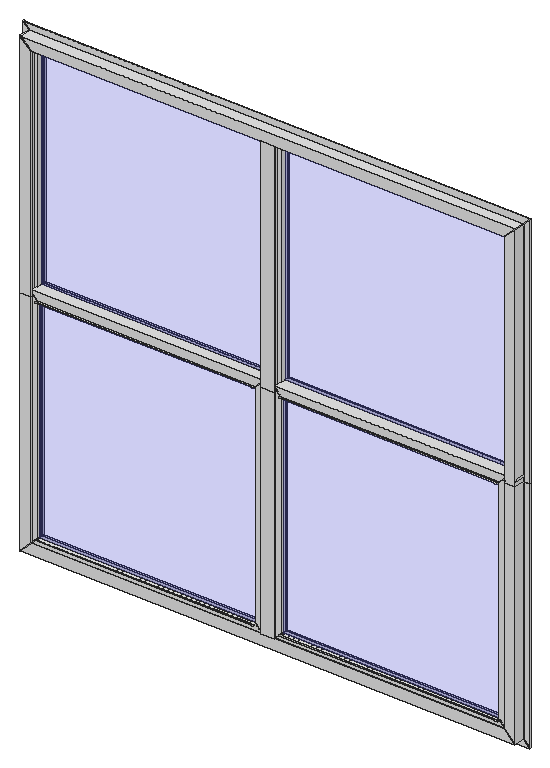
Revit family "591_SH-SH_nailfin", category Windows, host Wall, Revit 2016
Family settings
  Host = Wall
  OmniClass Number = 23.30.20.00
  OmniClass Title = Windows
  Always vertical = Yes
  Cut with Voids When Loaded = No
  Shared = No
  Room Calculation Point = No
Parameters (values of type "90x84")
  VBS = 1 / 2 * Width  # 45"
  Rough Height = 5 5/8"
  MLW = 1 / 8 * VBS  # 5 5/8"
  Interior Color [instance] = White
  Height = 84"
  Hbs = 1 / 2 * Height  # 42"
  Exterior Color [instance] = White
  Default Sill Height = 31.49606"
  Wall Closure = By host
  Width = 90"
Reference planes (in)
  plane 1 "Center (Front/Back)": y = 0
  plane 2 "Center (Left/Right)": x = 0
  plane 3 "Left": x = -45
  plane 4 "Right": x = 45
  plane 5 "Sill": z = 31.49606
  plane 6 "Head": z = 115.49606
  plane 7 "Exterior": y = 3.93701
  plane 8 "Interior": y = -3.93701
  plane 9 "Front of wall": y = 3.93701
  plane 10 "Hbs": z = 73.49606
  plane 11 "Vbs": x = 0
  plane 12: x = -43.6011
  plane 13: x = -0.7501
  plane 14: x = 0.74899
  plane 15: x = 43.6
  plane 16: x = 42.475
  plane 17: x = 1.875
  plane 18: x = -1.874
  plane 19: x = -42.475
  plane 20: x = -15.475
  plane 21: z = 33.99967
  plane 22: z = 73.5815
  plane 23: z = 74.08043
  plane 24: z = 114.09658
  plane 25: z = 74.36573
  plane 26 "Front of glass": y = 4.93066
Forms (in)
  Extrusion 1, solid, material "White" <- "Interior Color"
    sketch origin (0, 0, 115.49606) x (0, -1, 0) y (1, 0, 0)
      loop
        line (-3.57701, -43.975) -> (-3.57701, -43.1001) -> (-4.18834, -43.1001) -> (-4.18834, -43.6011) -> (-4.93234, -43.6011) -> (-4.9333, -43.13685) -> (-4.9728, -43.1621) -> (-5.33575, -43.1621) -> (-5.33575, -43.725) -> (-5.37701, -43.725) -> (-5.37701, -45.02) -> (-5.25201, -45.02) -> (-5.25201, -44.98) -> (-5.06701, -44.98) -> (-5.03872, -45) -> (-4.00201, -45) -> (-4.00201, -46.125) -> (-3.93701, -46.125) -> (-3.93701, -45) -> (-1.87701, -45) -> (-1.87701, -43.1) -> (-2.07701, -43.1) -> (-2.07701, -43.975) -> (-3.57701, -43.975)
    from 1.12547 to -42
  Extrusion 2, solid, material "White" <- "Interior Color"
    sketch origin (0, 0, 115.49606) x (0, -1, 0) y (1, 0, 0)
      loop
        line (-2.07701, 0.3751) -> (-3.57423, 0.3751) -> (-3.57423, 1.2501) -> (-4.18951, 1.2501) -> (-4.18951, 0.74899) -> (-4.93351, 0.74899) -> (-4.93351, 1.21326) -> (-4.97301, 1.188) -> (-5.33691, 1.188) -> (-5.33691, 0.6251) -> (-5.37701, 0.6251) -> (-5.37701, -0.6251) -> (-5.33575, -0.6251) -> (-5.33575, -1.1881) -> (-4.97185, -1.1881) -> (-4.9333, -1.21336) -> (-4.9333, -0.7501) -> (-4.18835, -0.7501) -> (-4.18835, -1.2501) -> (-3.57701, -1.2501) -> (-3.57701, -0.3751) -> (-2.07701, -0.3751) -> (-2.07701, -1.2501) -> (-1.87701, -1.2501) -> (-1.87701, 1.2501) -> (-2.07701, 1.2501) -> (-2.07701, 0.3751)
    from 0 to -42
  Extrusion 3, solid, material "White" <- "Interior Color"
    sketch origin (0, 0, 115.49606) x (0, -1, 0) y (1, 0, 0)
      loop
        line (-1.87701, 45) -> (-3.93701, 45) -> (-3.93701, 46.125) -> (-4.00201, 46.125) -> (-4.00201, 45) -> (-5.03872, 45) -> (-5.06701, 44.98) -> (-5.25201, 44.98) -> (-5.25201, 45.02) -> (-5.37701, 45.02) -> (-5.37701, 43.725) -> (-5.33691, 43.725) -> (-5.33691, 43.162) -> (-4.97301, 43.162) -> (-4.93351, 43.13674) -> (-4.93351, 43.6) -> (-4.18951, 43.6) -> (-4.18951, 43.1) -> (-3.57701, 43.1) -> (-3.57701, 43.975) -> (-2.07701, 43.975) -> (-2.07701, 43.1) -> (-1.87701, 43.1) -> (-1.87701, 45)
    from 1.12547 to -42
  Extrusion 4, solid, material "White" <- "Interior Color"
    sketch origin (0, 0, 31.49606) x (0, -1, 0) y (1, 0, 0)
      loop
        line (-3.46691, 42.56233) -> (-3.46691, 42.037) -> (-3.10301, 42.037) -> (-3.06351, 42.01174) -> (-3.06351, 42.475) -> (-2.31951, 42.475) -> (-2.31951, 41.975) -> (-2.07701, 41.975) -> (-2.07701, 43.1) -> (-1.87701, 43.1) -> (-1.87701, 45) -> (-3.93701, 45) -> (-3.93701, 46.125) -> (-4.00201, 46.125) -> (-4.00201, 45) -> (-5.03872, 45) -> (-5.06701, 44.98) -> (-5.25201, 44.98) -> (-5.25201, 45.02) -> (-5.37701, 45.02) -> (-5.37701, 43.725) -> (-4.62701, 43.725) -> (-4.62701, 43.85) -> (-4.12701, 43.85) -> (-4.12701, 43.1) -> (-3.47701, 43.1) -> (-3.47701, 42.6) -> (-3.46691, 42.56233)
    from -1.125 to 42.86966
  Extrusion 5, solid, material "White" <- "Interior Color"
    sketch origin (0, 0, 31.49606) x (0, -1, 0) y (1, 0, 0)
      loop
        line (-1.87701, -1.2501) -> (-1.87701, 1.2501) -> (-2.07701, 1.2501) -> (-2.07701, 2.375) -> (-2.31951, 2.375) -> (-2.31951, 1.875) -> (-3.06351, 1.875) -> (-3.06351, 2.33826) -> (-3.10301, 2.313) -> (-3.46691, 2.313) -> (-3.46691, 1.2704) -> (-4.12701, 1.2704) -> (-4.12701, 0.5001) -> (-4.62701, 0.5001) -> (-4.62701, 0.6251) -> (-5.37701, 0.6251) -> (-5.37701, -0.6251) -> (-4.62701, -0.6251) -> (-4.62701, -0.5001) -> (-4.12701, -0.5001) -> (-4.12701, -1.2501) -> (-3.47701, -1.2501) -> (-3.47701, -2.313) -> (-3.10301, -2.313) -> (-3.06351, -2.33826) -> (-3.06351, -1.874) -> (-2.31951, -1.874) -> (-2.31951, -2.375) -> (-2.07701, -2.375) -> (-2.07701, -1.2501) -> (-1.87701, -1.2501)
    from 0 to 42.86966
  Extrusion 6, solid, material "White" <- "Interior Color"
    sketch origin (0, 0, 31.49606) x (0, -1, 0) y (1, 0, 0)
      loop
        line (-3.46691, -42.56233) -> (-3.47701, -42.6) -> (-3.47701, -43.1) -> (-4.12701, -43.1) -> (-4.12701, -43.85) -> (-4.62701, -43.85) -> (-4.62701, -43.72467) -> (-5.37701, -43.72467) -> (-5.37701, -45.02) -> (-5.25201, -45.02) -> (-5.25201, -44.98) -> (-5.06701, -44.98) -> (-5.03872, -45) -> (-4.00201, -45) -> (-4.00201, -46.125) -> (-3.93701, -46.125) -> (-3.93701, -45) -> (-1.87701, -45) -> (-1.87701, -43.1) -> (-2.07701, -43.1) -> (-2.07701, -41.975) -> (-2.31951, -41.975) -> (-2.31951, -42.475) -> (-3.06351, -42.475) -> (-3.06351, -42.01174) -> (-3.10301, -42.037) -> (-3.46691, -42.037) -> (-3.46691, -42.56233)
    from -1.125 to 42.86966
  Extrusion 7, solid, material "White" <- "Interior Color"
    sketch origin (0, 0, 0) x (0, -1, 0) y (0, 0, 1)
      loop
        line (-3.46691, 33.91252) -> (-3.47701, 33.87484) -> (-3.47701, 33.39606) -> (-4.12701, 33.39606) -> (-4.12701, 32.64606) -> (-4.62701, 32.64606) -> (-4.62701, 32.77106) -> (-5.37701, 32.77106) -> (-5.37701, 31.47606) -> (-5.25201, 31.47606) -> (-5.25201, 31.51606) -> (-5.06701, 31.51606) -> (-5.03872, 31.49606) -> (-4.00201, 31.49606) -> (-4.00201, 30.37106) -> (-3.93701, 30.37106) -> (-3.93701, 31.49606) -> (-1.87701, 31.49606) -> (-1.87701, 33.39606) -> (-2.07701, 33.39606) -> (-2.07701, 34.43067) -> (-1.70156, 34.43067)
        arc (-1.70156, 34.43067) -> (-1.59274, 34.39671) -> (-1.63951, 34.50067) r 0.0625
        line (-1.63951, 34.50067) -> (-2.31951, 34.50067) -> (-2.31951, 33.99967) -> (-3.06351, 33.99967) -> (-3.06351, 34.46392) -> (-3.10301, 34.43867) -> (-3.46691, 34.43867) -> (-3.46691, 33.91252)
    from -46.125 to 46.125
  Extrusion 8, solid, material "White" <- "Interior Color"
    sketch origin (0, 0, 0) x (0, -1, 0) y (0, 0, 1)
      loop
        line (-5.34417, 73.95553) -> (-5.34417, 72.95553) -> (-4.72423, 72.95553) -> (-4.72423, 72.54049) -> (-4.62426, 72.54049) -> (-4.62426, 72.95549) -> (-4.12423, 72.95549) -> (-4.12423, 72.54046) -> (-4.02425, 72.54046) -> (-4.02425, 72.95545) -> (-3.57423, 72.95545) -> (-3.57423, 73.14253) -> (-3.1002, 73.14253) -> (-3.0607, 73.11728) -> (-3.0607, 73.5815) -> (-2.3167, 73.5815) -> (-2.3167, 73.08053) -> (-1.6367, 73.08053)
        arc (-1.6367, 73.08053) -> (-1.58993, 73.18449) -> (-1.69875, 73.15053) r 0.0625
        line (-1.69875, 73.15053) -> (-2.0742, 73.15053) -> (-2.0742, 74.58053) -> (-4.18663, 74.58053) -> (-4.18663, 74.08043) -> (-4.93066, 74.08043) -> (-4.93066, 74.54376) -> (-4.97014, 74.51851) -> (-5.33404, 74.51851) -> (-5.33404, 73.99333) -> (-5.34417, 73.95553)
    from -45 to 45
  Extrusion 9, solid, material "White" <- "Interior Color"
    sketch origin (0, 0, 0) x (0, -1, 0) y (0, 0, 1)
      loop
        line (-1.87701, 113.59653) -> (-1.87701, 115.49606) -> (-3.93701, 115.49606) -> (-3.93701, 116.62153) -> (-4.00201, 116.62153) -> (-4.00201, 115.49606) -> (-5.03939, 115.49606) -> (-5.06701, 115.47653) -> (-5.25201, 115.47653) -> (-5.25201, 115.51653) -> (-5.37701, 115.51653) -> (-5.37701, 114.22153) -> (-5.33484, 114.22153) -> (-5.33484, 113.65813) -> (-4.97097, 113.65813) -> (-4.93147, 113.63285) -> (-4.93147, 114.09658) -> (-4.18744, 114.09658) -> (-4.18744, 113.59606) -> (-3.57701, 113.59606) -> (-3.57701, 114.47153) -> (-2.07701, 114.47153) -> (-2.07701, 113.59653) -> (-1.87701, 113.59653)
    from -46.125 to 46.125
  Sweep 10, void
    path in 3D
      loop
        line (42.7334, 7.85281, 115.49606) -> (42.7334, 3.93701, 115.49606)
    profile origin (42.7334, 5.89491, 115.49606) x (1, 0, 0) y (0, 0, 1)
      loop
        line (3.58274, 1.3166) -> (-0.41726, -2.6834) -> (3.58274, -2.6834) -> (3.58274, 1.3166)
  Sweep 11, void
    path in 3D
      loop
        line (42.7334, 7.85281, 115.49606) -> (42.7334, 3.93701, 115.49606)
    profile origin (42.7334, 5.89491, 115.49606) x (1, 0, 0) y (0, 0, 1)
      loop
        line (3.92929, 1.66316) -> (-0.32071, 1.66316) -> (-0.32071, -2.58684) -> (3.92929, 1.66316)
  Sweep 12, void
    path in 3D
      loop
        line (-43.05764, 9.04811, 115.49606) -> (-43.05764, 3.93701, 115.49606)
    profile origin (-43.05764, 6.49256, 115.49606) x (1, 0, 0) y (0, 0, 1)
      loop
        line (-3.67827, 1.73638) -> (-3.67827, -2.76362) -> (0.82173, -2.76362) -> (-3.67827, 1.73638)
  Sweep 13, void
    path in 3D
      loop
        line (-41.46585, 8.79196, 31.49606) -> (-41.46585, 3.93701, 31.49606)
    profile origin (-41.46585, 6.36448, 31.49606) x (1, 0, 0) y (0, 0, 1)
      loop
        line (-5.97197, -2.43782) -> (1.52803, -2.43782) -> (1.52803, 5.06218) -> (-5.97197, -2.43782)
  Sweep 14, void
    path in 3D
      loop
        line (-41.46585, 8.79196, 31.49606) -> (-41.46585, 3.93701, 31.49606)
    profile origin (-41.46585, 6.36448, 31.49606) x (1, 0, 0) y (0, 0, 1)
      loop
        line (-5.13618, -1.60203) -> (0.11382, 3.64797) -> (-5.13618, 3.64797) -> (-5.13618, -1.60203)
  Sweep 15, void
    path in 3D
      loop
        line (43.35694, 8.00921, 31.49606) -> (43.35694, 3.93701, 31.49606)
    profile origin (43.35694, 5.97311, 31.49606) x (1, 0, 0) y (0, 0, 1)
      loop
        line (3.39154, -1.74848) -> (-2.35846, 4.00152) -> (-2.35846, -1.74848) -> (3.39154, -1.74848)
  Sweep 16, void
    path in 3D
      loop
        line (43.35694, 8.00921, 31.49606) -> (43.35694, 3.93701, 31.49606)
    profile origin (43.35694, 5.97311, 31.49606) x (1, 0, 0) y (0, 0, 1)
      loop
        line (3.24509, -1.60203) -> (3.24509, 3.64797) -> (-2.00491, 3.64797) -> (3.24509, -1.60203)
  Sweep 17, void
    path in 3D
      loop
        line (43.10694, 8.00921, 73.49606) -> (43.10694, 3.93701, 73.49606)
    profile origin (43.10694, 5.97311, 73.49606) x (1, 0, 0) y (0, 0, 1)
      loop
        line (-0.76597, 1.8435) -> (-0.76597, -0.44206) -> (0.61806, -0.44206) -> (0.61806, 0.45947) -> (-0.76597, 1.8435)
  Sweep 18, void
    path in 3D
      loop
        line (43.10694, 8.00921, 73.49606) -> (43.10694, 3.93701, 73.49606)
    profile origin (43.10694, 5.97311, 73.49606) x (1, 0, 0) y (0, 0, 1)
      loop
        line (-0.27534, 1.35287) -> (0.72466, 0.35287) -> (0.72466, -1.39713) -> (3.47466, -1.39713) -> (3.47466, 1.35287) -> (-0.27534, 1.35287)
  Sweep 19, void
    path in 3D
      loop
        line (-1.40257, 8.10545, 115.49606) -> (-1.40257, 3.93701, 115.49606)
    profile origin (-1.40257, 6.02123, 115.49606) x (1, 0, 0) y (0, 0, 1)
      loop
        line (-0.23548, -2.28794) -> (3.04055, -2.28794) -> (2.02713, -1.27453) -> (0.77793, -1.27453) -> (-0.23548, -2.28794)
  Sweep 20, void
    path in 3D
      loop
        line (-1.40257, 8.10545, 115.49606) -> (-1.40257, 3.93701, 115.49606)
    profile origin (-1.40257, 6.02123, 115.49606) x (1, 0, 0) y (0, 0, 1)
      loop
        line (0.15246, -1.9) -> (0.77793, -1.27453) -> (2.02713, -1.27453) -> (2.6526, -1.9) -> (3.4026, -1.9) -> (3.4026, 0.6) -> (-0.8474, 0.6) -> (-0.8474, -1.9) -> (0.15246, -1.9)
  Sweep 21, void
    path in 3D
      loop
        line (-42.10622, 8.93833, 73.49606) -> (-42.10622, 3.93701, 73.49606)
    profile origin (-42.10622, 6.43767, 73.49606) x (1, 0, 0) y (0, 0, 1)
      loop
        line (-0.86878, 1.20947) -> (-1.61878, 0.45947) -> (-1.61878, 0.13875) -> (-0.86878, 0.13875) -> (-0.86878, 1.20947)
  Sweep 22, void
    path in 3D
      loop
        line (-42.10622, 8.93833, 73.49606) -> (-42.10622, 3.93701, 73.49606)
    profile origin (-42.10622, 6.43767, 73.49606) x (1, 0, 0) y (0, 0, 1)
      loop
        line (-0.86878, 1.20947) -> (-3.21423, 1.20947) -> (-3.21423, -1.04053) -> (-1.61878, -1.04053) -> (-1.61878, 0.45947) -> (-0.86878, 1.20947)
  Sweep 23, void
    path in 3D
      loop
        line (-1.05369, 7.85281, 31.49606) -> (-1.05369, 3.93701, 31.49606)
    profile origin (-1.05369, 5.89491, 31.49606) x (1, 0, 0) y (0, 0, 1)
      loop
        line (-1.55738, 3.24067) -> (-0.21671, 1.9) -> (0.42859, 1.9) -> (0.42859, 1.275) -> (1.67879, 1.275) -> (1.67879, 1.9) -> (2.30379, 1.9) -> (3.64446, 3.24067) -> (-1.55738, 3.24067)
  Sweep 24, void
    path in 3D
      loop
        line (-1.05369, 7.85281, 31.49606) -> (-1.05369, 3.93701, 31.49606)
    profile origin (-1.05369, 5.89491, 31.49606) x (1, 0, 0) y (0, 0, 1)
      loop
        line (-1.32131, 3.0046) -> (-2.07131, 3.0046) -> (-2.07131, -0.57193) -> (4.17869, -0.57193) -> (4.17869, 3.0249) -> (3.42869, 3.0249) -> (2.30379, 1.9) -> (1.67879, 1.9) -> (1.67879, 1.275) -> (0.42859, 1.275) -> (0.42859, 1.9) -> (-0.21671, 1.9) -> (-1.32131, 3.0046)
  Sweep 25, void
    path in 3D
      loop
        line (-1.22211, 8.00921, 73.49606) -> (-1.22211, 3.93701, 73.49606)
    profile origin (-1.22211, 5.97311, 73.49606) x (1, 0, 0) y (0, 0, 1)
      loop
        line (-0.28687, 1.34329) -> (0.59701, 0.45941) -> (1.84722, 0.45941) -> (2.7311, 1.34329) -> (-0.28687, 1.34329)
  Sweep 26, void
    path in 3D
      loop
        line (-1.22211, 8.00921, 73.49606) -> (-1.22211, 3.93701, 73.49606)
    profile origin (-1.22211, 5.97311, 73.49606) x (1, 0, 0) y (0, 0, 1)
      loop
        line (-0.47428, 1.5307) -> (-0.47428, -0.38597) -> (0.59695, -0.38597) -> (0.59695, 0.45947) -> (-0.47428, 1.5307)
  Sweep 27, void
    path in 3D
      loop
        line (-1.22211, 8.00921, 73.49606) -> (-1.22211, 3.93701, 73.49606)
    profile origin (-1.22211, 5.97311, 73.49606) x (1, 0, 0) y (0, 0, 1)
      loop
        line (2.91702, 1.52921) -> (1.84722, 0.45941) -> (1.84722, -0.29059) -> (2.91702, -0.29059) -> (2.91702, 1.52921)
  Extrusion 28, void
    sketch origin (0, 3.93701, 0) x (1, 0, 0) y (0, 0, 1)
      loop
        line (-41.48862, 111.98515) -> (-46.98862, 117.48515) -> (-46.98862, 111.98515) -> (-41.48862, 111.98515)
    from 0 to 12
  Extrusion 29, void
    sketch origin (0, 3.93701, 0) x (1, 0, 0) y (0, 0, 1)
      loop
        line (-42.19673, 112.73515) -> (-42.19673, 117.48515) -> (-46.94673, 117.48515) -> (-42.19673, 112.73515)
    from 0 to 12
  Extrusion 30, void
    sketch origin (0, 3.93701, 0) x (1, 0, 0) y (0, 0, 1)
      loop
        line (46.75984, 117.25591) -> (42.34835, 112.84441) -> (46.75984, 112.84441) -> (46.75984, 117.25591)
    from 0 to 12
  Extrusion 31, void
    sketch origin (0, 3.93701, 0) x (1, 0, 0) y (0, 0, 1)
      loop
        line (46.66316, 117.15922) -> (41.99503, 117.15922) -> (41.99503, 112.49109) -> (46.66316, 117.15922)
    from 0 to 12
  Extrusion 32, void
    sketch origin (0, 3.93701, 0) x (1, 0, 0) y (0, 0, 1)
      loop
        line (46.5, 29.99606) -> (40.93414, 35.56193) -> (40.93414, 29.99606) -> (46.5, 29.99606)
    from 0 to 12
  Extrusion 33, void
    sketch origin (0, 3.93701, 0) x (1, 0, 0) y (0, 0, 1)
      loop
        line (46.60203, 29.89403) -> (46.60203, 35.38515) -> (41.11091, 35.38515) -> (46.60203, 29.89403)
    from 0 to 12
  Extrusion 34, void
    sketch origin (0, 3.93701, 0) x (1, 0, 0) y (0, 0, 1)
      loop
        line (-41.26053, 35.21513) -> (-46.9796, 29.49606) -> (-41.26053, 29.49606) -> (-41.26053, 35.21513)
    from 0 to 12
  Extrusion 35, void
    sketch origin (0, 3.93701, 0) x (1, 0, 0) y (0, 0, 1)
      loop
        line (-40.61589, 35.85978) -> (-47.98541, 35.85978) -> (-47.98541, 28.49026) -> (-40.61589, 35.85978)
    from 0 to 12
  Extrusion 36, void
    sketch origin (0, 3.93701, 0) x (1, 0, 0) y (0, 0, 1)
      loop
        line (-41.975, 73.08053) -> (-43.1, 74.20553) -> (-43.1, 74.7805) -> (-45.85, 74.7805) -> (-45.85, 72.35849) -> (-41.975, 72.35849) -> (-41.975, 73.08053)
    from 0 to 12
  Extrusion 37, void
    sketch origin (0, 3.93701, 0) x (1, 0, 0) y (0, 0, 1)
      loop
        line (-41.73575, 72.84128) -> (-41.73575, 75.83563) -> (-46.85, 75.83563) -> (-46.85, 73.49606) -> (-43.1, 73.49606) -> (-43.1, 74.20553) -> (-41.73575, 72.84128)
    from 0 to 12
  Extrusion 38, void
    sketch origin (0, 3.93701, 0) x (1, 0, 0) y (0, 0, 1)
      loop
        line (-2.38802, 73.06751) -> (2.38802, 73.06751) -> (1.2501, 74.20543) -> (1.2501, 74.70543) -> (-1.2501, 74.70543) -> (-1.2501, 74.20543) -> (-2.38802, 73.06751)
    from 0 to 12
  Extrusion 39, void
    sketch origin (0, 3.93701, 0) x (1, 0, 0) y (0, 0, 1)
      loop
        line (2.63802, 72.81752) -> (2.63802, 74.81751) -> (-3.03017, 74.81751) -> (-3.03017, 73.06751) -> (-2.38802, 73.06751) -> (-1.2501, 74.20543) -> (-1.2501, 73.49606) -> (1.2501, 73.49606) -> (1.2501, 74.20543) -> (2.63802, 72.81752)
    from 0 to 12
  Extrusion 40, void
    sketch origin (0, 3.93701, 0) x (1, 0, 0) y (0, 0, 1)
      loop
        line (41.975, 73.08053) -> (45.42694, 73.08053) -> (45.42694, 74.20553) -> (43.1, 74.20553) -> (41.975, 73.08053)
    from 0 to 12
  Extrusion 41, void
    sketch origin (0, 3.93701, 0) x (1, 0, 0) y (0, 0, 1)
      loop
        line (41.975, 73.08053) -> (43.1, 74.20553) -> (43.1, 73.49606) -> (46.35, 73.49606) -> (46.35, 75.24606) -> (41.975, 75.24606) -> (41.975, 73.08053)
    from 0 to 12
  Sweep 42, void
    path in 3D
      loop
        line (-42.10622, 8.93833, 73.49606) -> (-42.10622, 3.93701, 73.49606)
    profile origin (-42.10622, 6.43767, 73.49606) x (1, 0, 0) y (0, 0, 1)
      loop
        line (-1.61878, 0) -> (-1.61878, 0.86966) -> (-4.96187, 0.86966) -> (-4.96187, 0) -> (-1.61878, 0)
  Sweep 43, void
    path in 3D
      loop
        line (-1.22211, 8.00921, 73.49606) -> (-1.22211, 3.93701, 73.49606)
    profile origin (-1.22211, 5.97311, 73.49606) x (1, 0, 0) y (0, 0, 1)
      loop
        line (1.84722, 0) -> (1.84722, 0.86966) -> (0.59701, 0.86966) -> (0.59701, 0) -> (1.84722, 0)
  Sweep 44, void
    path in 3D
      loop
        line (43.10694, 8.00921, 73.49606) -> (43.10694, 3.93701, 73.49606)
    profile origin (43.10694, 5.97311, 73.49606) x (1, 0, 0) y (0, 0, 1)
      loop
        line (0.61806, 0) -> (3.6525, 0) -> (3.6525, 0.86966) -> (0.61806, 0.86966) -> (0.61806, 0)
  Extrusion 45, void
    sketch origin (0, 3.93701, 0) x (1, 0, 0) y (0, 0, 1)
      loop
        line (2.375, 34.50067) -> (1.2501, 33.37577) -> (-1.2499, 33.37577) -> (-2.37479, 34.50067) -> (-2.87479, 34.50067) -> (-2.87479, 31.12577) -> (2.62521, 31.12577) -> (2.62521, 34.50067) -> (2.375, 34.50067)
    from 0 to 12
  Extrusion 46, void
    sketch origin (0, 3.93701, 0) x (1, 0, 0) y (0, 0, 1)
      loop
        line (2.375, 34.50067) -> (2.375, 35.50087) -> (-2.375, 35.50087) -> (-2.375, 34.50087) -> (-1.27019, 33.39606) -> (1.2704, 33.39606) -> (2.375, 34.50067)
    from 0 to 12
  Extrusion 47, solid, material "Glass"
    sketch origin (0, 0, 0) x (0, -1, 0) y (0, 0, 1)
      loop
        line (-3.06351, 33.99967) -> (-2.31951, 33.99967) -> (-2.31951, 73.5815) -> (-3.06351, 73.5815) -> (-3.06351, 33.99967)
    from 1.874 to 42.475
  Extrusion 48, solid, material "Glass"
    sketch origin (0, 0, 0) x (0, -1, 0) y (0, 0, 1)
      loop
        line (-4.93066, 74.08043) -> (-4.18663, 74.08043) -> (-4.18663, 114.09658) -> (-4.93066, 114.09658) -> (-4.93066, 74.08043)
    from 0.7501 to 43.6011
  Extrusion 49, solid, material "Glass"
    sketch origin (0, 0, 0) x (0, 0, 1) y (0, 1, 0)
      loop
        line (74.08043, 4.93066) -> (74.08043, 4.18663) -> (114.09658, 4.18663) -> (114.09658, 4.93066) -> (74.08043, 4.93066)
    from -0.74899 to -43.6
  Extrusion 50, solid, material "Glass"
    sketch origin (0, 0, 0) x (0, 0, 1) y (0, 1, 0)
      loop
        line (33.99967, 3.0607) -> (33.99967, 2.3167) -> (73.5815, 2.3167) -> (73.5815, 3.0607) -> (33.99967, 3.0607)
    from -1.875 to -42.475
  Sweep 51, void
    path in 3D
      loop
        line (-43.05764, 9.04811, 115.49606) -> (-43.05764, 3.93701, 115.49606)
    profile origin (-43.05764, 6.49256, 115.49606) x (1, 0, 0) y (0, 0, 1)
      loop
        line (-3.82488, 1.88298) -> (0.82173, -2.76362) -> (0.82173, 1.88298) -> (-3.82488, 1.88298)
  Extrusion 52, void
    sketch origin (0, 3.93701, 0) x (1, 0, 0) y (0, 0, 1)
      loop
        line (-2.21779, 113.59606) -> (2.28221, 113.59606) -> (2.28221, 116.21501) -> (-2.21779, 116.21501) -> (-2.21779, 113.59606)
    from 0 to 12
Cuts and joins
  Sweep 11, Sweep 17, Extrusion 31 cuts Extrusion 3
  Sweep 10, Sweep 12, Sweep 19, Extrusion 28, Extrusion 30 cuts Extrusion 9
  Sweep 21, Extrusion 29, Sweep 51 cuts Extrusion 1
  Sweep 13, Extrusion 34, Extrusion 37, Sweep 42, Sweep 51 cuts Extrusion 6
  Sweep 14, Sweep 16, Sweep 23, Extrusion 33, Extrusion 35, Extrusion 46 cuts Extrusion 7
  Sweep 15, Sweep 17, Extrusion 32, Extrusion 41, Sweep 44 cuts Extrusion 4
  Sweep 18, Sweep 22, Sweep 25, Extrusion 36, Extrusion 38, Extrusion 40, Sweep 42, Sweep 43, Sweep 44 cuts Extrusion 8
  Sweep 20, Sweep 26, Sweep 27, Extrusion 52 cuts Extrusion 2
  Sweep 24, Extrusion 39, Sweep 43, Extrusion 45 cuts Extrusion 5
Lines and regions (in)
  Opening 1
    outline origin (137.79528, -3.93701, 0) x (1, 0, 0) y (0, 0, 1)
      loop
        line (-92.79528, 31.49606) -> (-92.79528, 115.49606) -> (-182.79528, 115.49606) -> (-182.79528, 31.49606) -> (-92.79528, 31.49606)
  reference lines
    curve 1: line (-43.05764, 9.04811, 115.49606) -> (-43.05764, 3.93701, 115.49606)
    curve 2: line (-42.10622, 8.93833, 73.49606) -> (-42.10622, 3.93701, 73.49606)
    curve 3: line (-41.46585, 8.79196, 31.49606) -> (-41.46585, 3.93701, 31.49606)
    curve 4: line (-1.40257, 8.10545, 115.49606) -> (-1.40257, 3.93701, 115.49606)
    curve 5: line (-1.22211, 8.00921, 73.49606) -> (-1.22211, 3.93701, 73.49606)
    curve 6: line (-1.05369, 7.85281, 31.49606) -> (-1.05369, 3.93701, 31.49606)
    curve 7: line (43.10694, 8.00921, 73.49606) -> (43.10694, 3.93701, 73.49606)
    curve 8: line (43.35694, 8.00921, 31.49606) -> (43.35694, 3.93701, 31.49606)
    curve 9: line (42.7334, 7.85281, 115.49606) -> (42.7334, 3.93701, 115.49606)
    curve 38: line (25, 4.93066, 96.99606) -> (20, 4.93066, 96.99606)
    curve 39: line (25, 4.93066, 91.99606) -> (25, 4.93066, 96.99606)
    curve 40: line (20, 4.93066, 91.99606) -> (25, 4.93066, 91.99606)
    curve 41: line (20, 4.93066, 96.99606) -> (20, 4.93066, 91.99606)
    curve 45: line (22.5, 4.93066, 91.99606) -> (22.5, 4.93066, 98.49606)
    curve 46: line (25, 4.93066, 94.49606) -> (17.5, 4.93066, 94.49606)
    curve 47: line (-20, 4.93066, 96.99606) -> (-25, 4.93066, 96.99606)
    curve 48: line (-20, 4.93066, 91.99606) -> (-20, 4.93066, 96.99606)
    curve 49: line (-25, 4.93066, 91.99606) -> (-20, 4.93066, 91.99606)
    curve 50: line (-25, 4.93066, 96.99606) -> (-25, 4.93066, 91.99606)
    curve 54: line (-22.5, 4.93066, 91.99606) -> (-22.5, 4.93066, 98.49606)
    curve 55: line (-20, 4.93066, 94.49606) -> (-27.5, 4.93066, 94.49606)
    curve 62: line (25, 0, 96.99606) -> (20, 0, 96.99606)
    curve 63: line (25, 0, 91.99606) -> (25, 0, 96.99606)
    curve 64: line (20, 0, 91.99606) -> (25, 0, 91.99606)
    curve 65: line (20, 0, 96.99606) -> (20, 0, 91.99606)
    curve 66: line (22.5, 0, 91.99606) -> (22.5, 0, 99.49606)
    curve 67: line (25, 0, 94.49606) -> (18, 0, 94.49606)
    curve 71: line (-20, 0, 96.99606) -> (-25, 0, 96.99606)
    curve 72: line (-20, 0, 91.99606) -> (-20, 0, 96.99606)
    curve 73: line (-25, 0, 91.99606) -> (-20, 0, 91.99606)
    curve 74: line (-25, 0, 96.99606) -> (-25, 0, 91.99606)
    curve 75: line (-22.5, 0, 91.99606) -> (-22.5, 0, 99.49606)
    curve 76: line (-20, 0, 94.49606) -> (-27, 0, 94.49606)
  sketch lines
    curve 10: line (42.7334, 7.85281, 115.49606) -> (42.7334, 3.93701, 115.49606)
    curve 11: line (42.7334, 7.85281, 115.49606) -> (42.7334, 3.93701, 115.49606)
    curve 12: line (-43.05764, 9.04811, 115.49606) -> (-43.05764, 3.93701, 115.49606)
    curve 13: line (-41.46585, 8.79196, 31.49606) -> (-41.46585, 3.93701, 31.49606)
    curve 14: line (-41.46585, 8.79196, 31.49606) -> (-41.46585, 3.93701, 31.49606)
    curve 15: line (43.35694, 8.00921, 31.49606) -> (43.35694, 3.93701, 31.49606)
    curve 16: line (43.35694, 8.00921, 31.49606) -> (43.35694, 3.93701, 31.49606)
    curve 17: line (43.10694, 8.00921, 73.49606) -> (43.10694, 3.93701, 73.49606)
    curve 18: line (43.10694, 8.00921, 73.49606) -> (43.10694, 3.93701, 73.49606)
    curve 19: line (-1.40257, 8.10545, 115.49606) -> (-1.40257, 3.93701, 115.49606)
    curve 20: line (-1.40257, 8.10545, 115.49606) -> (-1.40257, 3.93701, 115.49606)
    curve 21: line (-42.10622, 8.93833, 73.49606) -> (-42.10622, 3.93701, 73.49606)
    curve 22: line (-42.10622, 8.93833, 73.49606) -> (-42.10622, 3.93701, 73.49606)
    curve 23: line (-1.05369, 7.85281, 31.49606) -> (-1.05369, 3.93701, 31.49606)
    curve 24: line (-1.05369, 7.85281, 31.49606) -> (-1.05369, 3.93701, 31.49606)
    curve 25: line (-1.22211, 8.00921, 73.49606) -> (-1.22211, 3.93701, 73.49606)
    curve 26: line (-1.22211, 8.00921, 73.49606) -> (-1.22211, 3.93701, 73.49606)
    curve 27: line (-1.22211, 8.00921, 73.49606) -> (-1.22211, 3.93701, 73.49606)
    curve 28: line (-42.10622, 8.93833, 73.49606) -> (-42.10622, 3.93701, 73.49606)
    curve 29: line (-1.22211, 8.00921, 73.49606) -> (-1.22211, 3.93701, 73.49606)
    curve 30: line (43.10694, 8.00921, 73.49606) -> (43.10694, 3.93701, 73.49606)
    curve 31: line (-43.05764, 9.04811, 115.49606) -> (-43.05764, 3.93701, 115.49606)
  model lines
    curve 32: line (22.5, 3.93701, 35.49846) -> (22.5, 3.93701, 70.89724)
    curve 33: line (22.5, 3.93701, 70.89724) -> (26.47748, 3.93701, 66.91977)
    curve 34: line (22.5, 3.93701, 70.89724) -> (18.52252, 3.93701, 66.91977)
    curve 35: line (-22.5, 3.93701, 35.49846) -> (-22.5, 3.93701, 70.99846)
    curve 36: line (-22.5, 3.93701, 70.99846) -> (-18.52252, 3.93701, 67.02099)
    curve 37: line (-22.5, 3.93701, 70.99846) -> (-26.47748, 3.93701, 67.02099)
    curve 42: line (25, 4.93066, 96.99606) -> (20, 4.93066, 91.99606)
    curve 43: line (20, 4.93066, 94.49606) -> (22.5, 4.93066, 96.99606)
    curve 44: line (22.5, 4.93066, 91.99606) -> (25, 4.93066, 94.49606)
    curve 51: line (-20, 4.93066, 96.99606) -> (-25, 4.93066, 91.99606)
    curve 52: line (-25, 4.93066, 94.49606) -> (-22.5, 4.93066, 96.99606)
    curve 53: line (-22.5, 4.93066, 91.99606) -> (-20, 4.93066, 94.49606)
  symbolic lines
    curve 56: line (-22.5, 3.93701, 70.99846) -> (-18.52252, 3.93701, 67.02099)
    curve 57: line (-22.5, 3.93701, 70.99846) -> (-26.47748, 3.93701, 67.02099)
    curve 58: line (-22.5, 3.93701, 70.99846) -> (-22.5, 3.93701, 35.49846)
    curve 59: line (22.5, 3.93701, 70.89724) -> (26.47748, 3.93701, 66.91977)
    curve 60: line (22.5, 3.93701, 70.89724) -> (18.52252, 3.93701, 66.91977)
    curve 61: line (22.5, 3.93701, 70.89724) -> (22.5, 3.93701, 35.49846)
    curve 68: line (22.5, 0, 91.99606) -> (25, 0, 94.49606)
    curve 69: line (22.5, 0, 96.99606) -> (20, 0, 94.49606)
    curve 70: line (20, 0, 91.99606) -> (25, 0, 96.99606)
    curve 77: line (-22.5, 0, 91.99606) -> (-20, 0, 94.49606)
    curve 78: line (-22.5, 0, 96.99606) -> (-25, 0, 94.49606)
    curve 79: line (-25, 0, 91.99606) -> (-20, 0, 96.99606)
Text (in)
  text "EXTERIOR" at (-77.29147, 52.45485, 0), in view "Ref. Level"
  text "INTERIOR" at (-78.01048, -32.21994, 0), in view "Ref. Level"
  text "Exterior" at (0, 36.36817, 115.8778), in view "Right"
  text "Exterior" at (0, 40.96394, 105.72475), in view "Left"
Dimensions and locks (in)
  equal spacing: plane 3 "Left", plane 2 "Center (Left/Right)", plane 4 "Right"
  "Width": plane 3 "Left" to plane 4 "Right"
  "Height": plane 5 "Sill" to plane 6 "Head"
  "Default Sill Height": plane 5 "Sill" to level
  locked: plane 7 "Exterior" to host wall at 0
  locked: plane 8 "Interior" to host wall
  "Hbs": plane 10 "Hbs" to plane 6 "Head"
  "VBS": plane 11 "Vbs" to plane 4 "Right"
  locked: plane 3 "Left" to plane 12 at 1.3989
  locked: plane 13 to plane 11 "Vbs" at 0.7501
  locked: plane 11 "Vbs" to plane 14 at 0.74899
  locked: plane 15 to plane 4 "Right" at 1.4
  locked: Extrusion 3 sketch curve to plane 9 "Front of wall" at 2.06
  locked: plane 4 "Right" to Extrusion 3 sketch curve at 1.125
  locked: Extrusion 3 sketch curve to Extrusion 3 sketch curve at 1.9
  locked: plane 11 "Vbs" to Extrusion 2 sketch curve at 1.2501
  locked: Extrusion 2 sketch curve to plane 11 "Vbs" at 1.2501
  locked: Extrusion 2 sketch curve to plane 11 "Vbs" at 0.6251
  locked: plane 11 "Vbs" to Extrusion 2 sketch curve at 0.6251
  locked: Extrusion 2 sketch curve to plane 9 "Front of wall" at 2.06
  locked: Extrusion 1 sketch curve to plane 3 "Left" at 1.125
  locked: Extrusion 1 sketch curve to plane 9 "Front of wall" at 2.06
  locked: Extrusion 1 sketch curve to Extrusion 1 sketch curve at 1.9
  locked: plane 18 to plane 11 "Vbs" at 1.874
  locked: plane 11 "Vbs" to plane 17 at 1.875
  locked: plane 16 to plane 4 "Right" at 2.525
  locked: Extrusion 6 sketch curve to plane 3 "Left" at 1.125
  locked: Extrusion 6 sketch curve to plane 9 "Front of wall" at 2.06
  locked: Extrusion 6 sketch curve to Extrusion 6 sketch curve at 1.9
  locked: plane 11 "Vbs" to Extrusion 5 sketch curve at 0.6251
  locked: Extrusion 5 sketch curve to plane 11 "Vbs" at 0.6251
  locked: Extrusion 5 sketch curve to plane 11 "Vbs" at 1.2501
  locked: plane 11 "Vbs" to Extrusion 5 sketch curve at 1.2501
  locked: Extrusion 4 sketch curve to plane 9 "Front of wall" at 2.06
  locked: plane 4 "Right" to Extrusion 4 sketch curve at 1.125
  locked: Extrusion 4 sketch curve to Extrusion 4 sketch curve at 1.9
  locked: plane 24 to plane 6 "Head" at 1.39948
  locked: plane 22 to plane 10 "Hbs" at 0.08543
  locked: plane 23 to plane 10 "Hbs" at 0.58436
  locked: plane 5 "Sill" to plane 21 at 2.5036
  locked: Extrusion 7 sketch curve to plane 5 "Sill" at 1.125
  locked: plane 9 "Front of wall" to Extrusion 7 sketch curve at 2.06
  locked: Extrusion 7 sketch curve to Extrusion 7 sketch curve at 1.9
  locked: Extrusion 8 sketch curve to plane 10 "Hbs" at 1.08447
  locked: plane 9 "Front of wall" to Extrusion 8 sketch curve at 1.86281
  locked: plane 6 "Head" to Extrusion 9 sketch curve at 1.12547
  locked: plane 9 "Front of wall" to Extrusion 9 sketch curve at 2.06
  locked: Extrusion 9 sketch curve to Extrusion 9 sketch curve at 1.89953
  locked: plane 25 to plane 10 "Hbs" at 0.86966
  locked: plane 3 "Left" to plane 19 at 2.525
  equal spacing: plane 11 "Vbs", curve 32, plane 4 "Right"
  equal spacing: plane 3 "Left", curve 35, plane 11 "Vbs"
  locked: curve 35 to plane 5 "Sill" at 4.0024
  locked: curve 32 to plane 5 "Sill" at 4.0024
  locked: plane 26 "Front of glass" to plane 9 "Front of wall" at 0.99366
  locked: curve 37 to plane 10 "Hbs" at 2.4976
  "MLW": curve 37 to curve 37
  "MLW": curve 37 to curve 36
  "MLW": curve 34 to curve 34
  "MLW": curve 34 to curve 33
  locked: curve 34 to plane 10 "Hbs" at 2.59882
  equal spacing: curve 43, curve 42, curve 44
  locked: curve 39 to curve 41 at 5
  locked: curve 40 to curve 38 at 5
  equal spacing: curve 41, curve 45, curve 39
  equal spacing: curve 40, curve 46, curve 38
  equal spacing: curve 52, curve 51, curve 53
  locked: curve 48 to curve 50 at 5
  locked: curve 49 to curve 47 at 5
  equal spacing: curve 50, curve 54, curve 48
  equal spacing: curve 49, curve 55, curve 47
  equal spacing: plane 11 "Vbs", curve 45, plane 4 "Right"
  equal spacing: plane 10 "Hbs", curve 46, plane 6 "Head"
  equal spacing: plane 3 "Left", curve 54, plane 11 "Vbs"
  equal spacing: plane 10 "Hbs", curve 55, plane 6 "Head"
  locked: curve 63 to curve 65 at 5
  locked: curve 64 to curve 62 at 5
  equal spacing: curve 65, curve 66, curve 63
  equal spacing: curve 64, curve 67, curve 62
  locked: curve 65 to curve 69 at 2.5
  locked: curve 65 to curve 68 at 2.5
  locked: curve 68 to curve 64 at 2.5
  locked: curve 69 to curve 64 at 2.5
  locked: curve 63 to curve 70 at 5
  locked: curve 72 to curve 74 at 5
  locked: curve 73 to curve 71 at 5
  equal spacing: curve 74, curve 75, curve 72
  equal spacing: curve 73, curve 76, curve 71
  locked: curve 74 to curve 78 at 2.5
  locked: curve 74 to curve 77 at 2.5
  locked: curve 77 to curve 73 at 2.5
  locked: curve 78 to curve 73 at 2.5
  locked: curve 72 to curve 79 at 5
  equal spacing: plane 6 "Head", curve 76, plane 10 "Hbs"
  equal spacing: plane 6 "Head", curve 67, plane 10 "Hbs"
  equal spacing: plane 3 "Left", curve 75, plane 11 "Vbs"
  equal spacing: plane 11 "Vbs", curve 66, plane 4 "Right"
  locked: curve 33 to curve 32 (angle 45.00°)
  locked: curve 32 to curve 34 (angle 45.00°)
  locked: curve 36 to curve 35 (angle 45.00°)
  locked: curve 35 to curve 37 (angle 45.00°)
  aligned and locked: plane 9 "Front of wall" to host wall
  aligned and locked: plane 15 to Extrusion 3 sketch curve
  aligned and locked: Extrusion 3 sketch curve to plane 4 "Right"  (x2)
  aligned and locked: plane 9 "Front of wall" to Extrusion 3 sketch curve
  aligned and locked: plane 13 to Extrusion 2 sketch curve
  aligned and locked: Extrusion 2 sketch curve to plane 14
  aligned and locked: Extrusion 1 sketch curve to plane 9 "Front of wall"
  aligned and locked: Extrusion 1 sketch curve to plane 3 "Left"  (x2)
  aligned and locked: plane 12 to Extrusion 1 sketch curve
  aligned and locked: Extrusion 6 sketch curve to plane 9 "Front of wall"
  aligned and locked: Extrusion 6 sketch curve to plane 3 "Left"  (x2)
  aligned and locked: Extrusion 5 sketch curve to plane 17
  aligned and locked: plane 18 to Extrusion 5 sketch curve
  aligned and locked: plane 16 to Extrusion 4 sketch curve
  aligned and locked: plane 9 "Front of wall" to Extrusion 4 sketch curve
  aligned and locked: Extrusion 4 sketch curve to plane 4 "Right"  (x2)
  aligned and locked: plane 21 to Extrusion 7 sketch curve
  aligned and locked: Extrusion 7 sketch curve to plane 5 "Sill"  (x2)
  aligned and locked: Extrusion 7 sketch curve to plane 9 "Front of wall"
  aligned and locked: plane 22 to Extrusion 8 sketch curve
  aligned and locked: Extrusion 8 sketch curve to plane 23
  aligned and locked: Extrusion 9 sketch curve to plane 6 "Head"  (x2)
  aligned and locked: plane 24 to Extrusion 9 sketch curve
  aligned and locked: Extrusion 8 to plane 4 "Right"
  aligned and locked: plane 3 "Left" to Extrusion 8
  aligned and locked: plane 5 "Sill" to Extrusion 5
  aligned and locked: Extrusion 9 to Extrusion 3  (x2)
  aligned and locked: Extrusion 1 to Extrusion 9
  aligned and locked: Extrusion 1 to plane 10 "Hbs"
  aligned and locked: Extrusion 3 to plane 10 "Hbs"
  aligned and locked: Extrusion 4 to Extrusion 7  (x2)
  aligned and locked: plane 9 "Front of wall" to curve 8
  aligned and locked: plane 9 "Front of wall" to curve 7
  aligned and locked: plane 9 "Front of wall" to curve 9
  aligned and locked: plane 9 "Front of wall" to curve 6
  aligned and locked: plane 9 "Front of wall" to curve 5
  aligned and locked: plane 9 "Front of wall" to curve 4
  aligned and locked: plane 9 "Front of wall" to curve 3
  aligned and locked: plane 9 "Front of wall" to curve 2
  aligned and locked: plane 9 "Front of wall" to curve 1
  aligned and locked: Extrusion 1 to cut or joined group of Extrusion 9, Sweep 10, Sweep 12, Sweep 19, Extrusion 28, Extrusion 30
  aligned and locked: Extrusion 2 to plane 6 "Head"
  aligned and locked: plane 25 to cut or joined group of Extrusion 5, Sweep 24, Extrusion 39, Sweep 43, Extrusion 45
  aligned and locked: cut or joined group of Extrusion 4, Sweep 15, Sweep 17, Extrusion 32, Extrusion 41, Sweep 44 to plane 25
  aligned and locked: plane 21 to Extrusion 47 sketch curve
  aligned and locked: plane 22 to Extrusion 47 sketch curve
  aligned and locked: plane 23 to Extrusion 48 sketch curve
  aligned and locked: plane 24 to Extrusion 48 sketch curve
  aligned and locked: plane 23 to Extrusion 49 sketch curve
  aligned and locked: Extrusion 49 sketch curve to plane 24
  aligned and locked: Extrusion 50 sketch curve to plane 22
  aligned and locked: Extrusion 50 sketch curve to plane 21
  aligned and locked: plane 17 to Extrusion 50
  aligned and locked: Extrusion 50 to plane 16
  aligned and locked: Extrusion 47 to plane 18
  aligned and locked: plane 19 to Extrusion 47
  aligned and locked: plane 12 to Extrusion 48
  aligned and locked: Extrusion 48 to plane 13
  aligned and locked: plane 14 to Extrusion 49
  aligned and locked: Extrusion 49 to plane 15
  aligned and locked: cut or joined group of Extrusion 2, Sweep 20, Sweep 26, Sweep 27, Extrusion 52 to plane 10 "Hbs"
  aligned and locked: plane 19 to Extrusion 6 sketch curve
  aligned and locked: cut or joined group of Extrusion 6, Sweep 13, Extrusion 34, Extrusion 37, Sweep 42, Sweep 51 to cut or joined group of Extrusion 7, Sweep 14, Sweep 16, Sweep 23, Extrusion 33, Extrusion 35, Extrusion 46
  aligned and locked: plane 25 to cut or joined group of Extrusion 6, Sweep 13, Extrusion 34, Extrusion 37, Sweep 42, Sweep 51
  aligned and locked: curve 38 to curve 41
  aligned and locked: curve 41 to curve 41
  aligned and locked: curve 39 to curve 39
  aligned and locked: curve 41 to curve 42
  aligned and locked: curve 42 to curve 38
  aligned and locked: curve 38 to curve 43
  aligned and locked: curve 41 to curve 43
  aligned and locked: curve 40 to curve 44
  aligned and locked: curve 39 to curve 44
  aligned and locked: curve 47 to curve 50
  aligned and locked: curve 50 to curve 50
  aligned and locked: curve 48 to curve 48
  aligned and locked: curve 50 to curve 51
  aligned and locked: curve 51 to curve 47
  aligned and locked: curve 47 to curve 52
  aligned and locked: curve 50 to curve 52
  aligned and locked: curve 49 to curve 53
  aligned and locked: curve 48 to curve 53
  aligned and locked: curve 62 to curve 65
  aligned and locked: curve 65 to curve 65
  aligned and locked: curve 63 to curve 63
  aligned and locked: curve 65 to curve 69
  aligned and locked: curve 64 to curve 68
  aligned and locked: curve 63 to curve 68
  aligned and locked: curve 62 to curve 69
  aligned and locked: curve 63 to curve 70
  aligned and locked: curve 70 to curve 64
  aligned and locked: curve 71 to curve 74
  aligned and locked: curve 74 to curve 74
  aligned and locked: curve 72 to curve 72
  aligned and locked: curve 74 to curve 78
  aligned and locked: curve 73 to curve 77
  aligned and locked: curve 72 to curve 77
  aligned and locked: curve 71 to curve 78
  aligned and locked: curve 72 to curve 79
  aligned and locked: curve 79 to curve 73
Automatic sketch dimensions
  plane 15 to curve 8 = 0.24306"
  curve 1 to plane 12 = 0.54346"
  curve 9 to plane 16 = 0.2584"
  host wall to curve 9 = 3.91581"
  curve 4 to plane 18 = 0.47143"
  host wall to curve 4 = 4.16844"
  host wall to curve 1 = 5.1111"
  plane 13 to curve 6 = 0.30359"
  host wall to curve 6 = 3.91581"
  host wall to curve 8 = 4.0722"
  curve 3 to plane 19 = 1.00915"
  host wall to curve 3 = 4.85495"
  curve 2 to plane 19 = 0.36878"
  plane 13 to curve 5 = 0.47201"
  plane 15 to curve 7 = 0.49306"
  host wall to curve 7 = 4.0722"
  host wall to curve 5 = 4.0722"
  host wall to curve 2 = 5.00132"
  profile plane to Sweep 10 sketch curve = 0.41726"
  Sweep 10 sketch curve to profile plane = 2.6834"
  Sweep 10 sketch curve to profile plane = 3.58274"
  profile plane to Sweep 10 sketch curve = 1.3166"
  profile plane to Sweep 11 sketch curve = 0.32071"
  Sweep 11 sketch curve to profile plane = 2.58684"
  Sweep 11 sketch curve to profile plane = 3.92929"
  profile plane to Sweep 11 sketch curve = 1.66316"
  Sweep 12 sketch curve to profile plane = 0.82173"
  Sweep 12 sketch curve to profile plane = 2.76362"
  profile plane to Sweep 12 sketch curve = 1.73638"
  profile plane to Sweep 12 sketch curve = 3.67827"
  Sweep 13 sketch curve to profile plane = 1.52803"
  profile plane to Sweep 13 sketch curve = 5.06218"
  profile plane to Sweep 13 sketch curve = 5.97197"
  Sweep 13 sketch curve to profile plane = 2.43782"
  Sweep 14 sketch curve to profile plane = 0.11382"
  profile plane to Sweep 14 sketch curve = 3.64797"
  Sweep 14 sketch curve to profile plane = 1.60203"
  profile plane to Sweep 14 sketch curve = 5.13618"
  profile plane to Sweep 15 sketch curve = 2.35846"
  profile plane to Sweep 15 sketch curve = 4.00152"
  Sweep 15 sketch curve to profile plane = 3.39154"
  Sweep 15 sketch curve to profile plane = 1.74848"
  profile plane to Sweep 16 sketch curve = 2.00491"
  profile plane to Sweep 16 sketch curve = 3.64797"
  Sweep 16 sketch curve to profile plane = 1.60203"
  Sweep 16 sketch curve to profile plane = 3.24509"
  Sweep 17 sketch curve to profile plane = 0.61806"
  Sweep 17 sketch curve to profile plane = 0.44206"
  profile plane to Sweep 17 sketch curve = 0.45947"
  profile plane to Sweep 17 sketch curve = 0.76597"
  profile plane to Sweep 17 sketch curve = 1.8435"
  Sweep 18 sketch curve to profile plane = 0.72466"
  Sweep 18 sketch curve to Sweep 18 sketch curve = 2 3/4"
  Sweep 18 sketch curve to profile plane = 1.39713"
  profile plane to Sweep 18 sketch curve = 0.35287"
  profile plane to Sweep 18 sketch curve = 0.27534"
  Sweep 18 sketch curve to Sweep 18 sketch curve = 1"
  Sweep 19 sketch curve to profile plane = 0.77793"
  Sweep 19 sketch curve to Sweep 19 sketch curve = 1.2492"
  Sweep 19 sketch curve to profile plane = 1.27453"
  profile plane to Sweep 19 sketch curve = 0.23548"
  Sweep 19 sketch curve to Sweep 19 sketch curve = 1.01341"  (x2)
  profile plane to Sweep 20 sketch curve = 0.8474"
  Sweep 20 sketch curve to profile plane = 0.77793"
  Sweep 20 sketch curve to Sweep 20 sketch curve = 1.2492"
  Sweep 20 sketch curve to Sweep 20 sketch curve = 0.62547"  (x3)
  profile plane to Sweep 20 sketch curve = 0.6"
  Sweep 20 sketch curve to Sweep 20 sketch curve = 1.37547"
  Sweep 20 sketch curve to profile plane = 1.27453"
  Sweep 20 sketch curve to profile plane = 0.15246"
  profile plane to Sweep 21 sketch curve = 0.45947"
  profile plane to Sweep 21 sketch curve = 1.61878"
  profile plane to Sweep 21 sketch curve = 0.13875"
  Sweep 21 sketch curve to Sweep 21 sketch curve = 3/4"
  Sweep 21 sketch curve to Sweep 21 sketch curve = 1.07072"
  Sweep 22 sketch curve to profile plane = 1.04053"
  profile plane to Sweep 22 sketch curve = 3.21423"
  Sweep 22 sketch curve to Sweep 22 sketch curve = 1.59545"
  profile plane to Sweep 22 sketch curve = 0.45947"
  Sweep 22 sketch curve to Sweep 22 sketch curve = 3/4"  (x2)
  profile plane to Sweep 23 sketch curve = 0.21671"
  Sweep 23 sketch curve to profile plane = 0.42859"
  Sweep 23 sketch curve to Sweep 23 sketch curve = 1.25021"
  Sweep 23 sketch curve to Sweep 23 sketch curve = 5/8"  (x3)
  profile plane to Sweep 23 sketch curve = 1.275"
  profile plane to Sweep 23 sketch curve = 1.55738"
  Sweep 23 sketch curve to Sweep 23 sketch curve = 1.34067"  (x2)
  Sweep 24 sketch curve to profile plane = 0.57193"
  profile plane to Sweep 24 sketch curve = 2.07131"
  profile plane to Sweep 24 sketch curve = 0.21671"
  Sweep 24 sketch curve to profile plane = 0.42859"
  Sweep 24 sketch curve to Sweep 24 sketch curve = 1.25021"
  Sweep 24 sketch curve to Sweep 24 sketch curve = 5/8"  (x3)
  Sweep 24 sketch curve to Sweep 24 sketch curve = 1.1249"  (x2)
  Sweep 24 sketch curve to Sweep 24 sketch curve = 3/4"  (x2)
  profile plane to Sweep 24 sketch curve = 1.275"
  Sweep 24 sketch curve to Sweep 24 sketch curve = 1.1046"
  Sweep 25 sketch curve to profile plane = 0.59701"
  profile plane to Sweep 25 sketch curve = 0.45941"
  Sweep 25 sketch curve to Sweep 25 sketch curve = 1.25021"
  profile plane to Sweep 25 sketch curve = 0.28687"
  Sweep 25 sketch curve to Sweep 25 sketch curve = 0.88388"  (x2)
  Sweep 42 sketch curve to profile plane = 0"
  profile plane to Sweep 42 sketch curve = 4.96187"
  profile plane to Sweep 42 sketch curve = 1.61878"
  profile plane to Sweep 42 sketch curve = 0.86966"
  Sweep 43 sketch curve to profile plane = 0"
  Sweep 43 sketch curve to profile plane = 0.59701"
  Sweep 43 sketch curve to Sweep 43 sketch curve = 1.25021"
  profile plane to Sweep 43 sketch curve = 0.86966"
  Sweep 44 sketch curve to profile plane = 0"
  Sweep 44 sketch curve to profile plane = 0.61806"
  profile plane to Sweep 44 sketch curve = 0.86966"
  Sweep 44 sketch curve to Sweep 44 sketch curve = 3.03444"
  host wall to Extrusion 48 sketch curve = 0.99366"
  host wall to Extrusion 49 sketch curve = 0.24963"
  Extrusion 50 sketch curve to host wall = 1.62031"
  profile plane to Sweep 27 sketch curve = 0.45941"
  Sweep 27 sketch curve to profile plane = 1.84722"
  Sweep 27 sketch curve to Sweep 27 sketch curve = 1.06981"  (x2)
  Sweep 27 sketch curve to profile plane = 0.29059"
  profile plane to Sweep 26 sketch curve = 0.47428"
  Sweep 26 sketch curve to profile plane = 0.59695"
  profile plane to Sweep 26 sketch curve = 0.45947"
  Sweep 26 sketch curve to Sweep 26 sketch curve = 1.07123"
  Sweep 26 sketch curve to profile plane = 0.38597"
  Sweep 51 sketch curve to profile plane = 0.82173"
  Sweep 51 sketch curve to profile plane = 2.76362"
  profile plane to Sweep 51 sketch curve = 3.82488"
  profile plane to Sweep 51 sketch curve = 1.88298"
  plane 3 "Left" to Opening 1 sketch curve = 0"
  plane 4 "Right" to Opening 1 sketch curve = 0"
  Opening 1 sketch curve to plane 5 "Sill" = 0"
  Opening 1 sketch curve to plane 6 "Head" = 0"
  host wall to Extrusion 1 sketch curve = 0.065"
  host wall to Extrusion 1 sketch curve = 0.25133"
  plane 26 "Front of glass" to Extrusion 1 sketch curve = 0.00264"
  plane 26 "Front of glass" to Extrusion 1 sketch curve = 0.04214"
  plane 26 "Front of glass" to Extrusion 1 sketch curve = 0.10806"
  Extrusion 1 sketch curve to Extrusion 1 sketch curve = 0.02828"
  Extrusion 1 sketch curve to plane 3 "Left" = 0.02"
  Extrusion 1 sketch curve to Extrusion 1 sketch curve = 0.185"
  Extrusion 1 sketch curve to Extrusion 1 sketch curve = 0.36295"
  Extrusion 1 sketch curve to Extrusion 1 sketch curve = 0.04126"
  Extrusion 1 sketch curve to host wall = 0.36"
  plane 12 to Extrusion 1 sketch curve = 0.3739"
  Extrusion 1 sketch curve to Extrusion 1 sketch curve = 0.2"
  plane 3 "Left" to Extrusion 1 sketch curve = 0.02"
  plane 12 to Extrusion 1 sketch curve = 0.1239"
  Extrusion 1 sketch curve to plane 12 = 0.439"
  Extrusion 1 sketch curve to Extrusion 1 sketch curve = 0.02526"
  Extrusion 1 sketch curve to plane 12 = 0.501"
  plane 14 to Extrusion 2 sketch curve = 0.37389"
  Extrusion 2 sketch curve to Extrusion 2 sketch curve = 0.2"  (x2)
  Extrusion 2 sketch curve to host wall = 0.36"
  Extrusion 2 sketch curve to host wall = 0.36278"
  host wall to Extrusion 2 sketch curve = 0.25134"
  host wall to Extrusion 2 sketch curve = 0.2525"
  plane 26 "Front of glass" to Extrusion 2 sketch curve = 0.00264"
  plane 26 "Front of glass" to Extrusion 2 sketch curve = 0.04118"
  plane 26 "Front of glass" to Extrusion 2 sketch curve = 0.04234"
  plane 26 "Front of glass" to Extrusion 2 sketch curve = 0.40509"
  Extrusion 2 sketch curve to Extrusion 2 sketch curve = 0.36391"
  Extrusion 2 sketch curve to Extrusion 2 sketch curve = 0.04009"
  Extrusion 2 sketch curve to Extrusion 2 sketch curve = 1/2"
  Extrusion 2 sketch curve to Extrusion 2 sketch curve = 0.02526"  (x2)
  Extrusion 2 sketch curve to plane 13 = 3/8"
  Extrusion 2 sketch curve to plane 14 = 0.43901"
  host wall to Extrusion 3 sketch curve = 0.065"
  host wall to Extrusion 3 sketch curve = 0.2525"
  plane 26 "Front of glass" to Extrusion 3 sketch curve = 0.00284"
  plane 26 "Front of glass" to Extrusion 3 sketch curve = 0.04234"
  plane 26 "Front of glass" to Extrusion 3 sketch curve = 0.10806"
  plane 4 "Right" to Extrusion 3 sketch curve = 0.02"
  Extrusion 3 sketch curve to Extrusion 3 sketch curve = 0.02828"
  Extrusion 3 sketch curve to plane 4 "Right" = 0.02"
  Extrusion 3 sketch curve to Extrusion 3 sketch curve = 0.185"
  Extrusion 3 sketch curve to Extrusion 3 sketch curve = 0.36391"
  Extrusion 3 sketch curve to Extrusion 3 sketch curve = 1/8"
  Extrusion 3 sketch curve to host wall = 0.36"
  Extrusion 3 sketch curve to plane 15 = 3/8"
  Extrusion 3 sketch curve to Extrusion 3 sketch curve = 0.2"
  Extrusion 3 sketch curve to Extrusion 3 sketch curve = 1/2"
  Extrusion 3 sketch curve to Extrusion 3 sketch curve = 0.02526"
  Extrusion 3 sketch curve to plane 15 = 1/8"
  host wall to Extrusion 4 sketch curve = 0.065"
  host wall to Extrusion 4 sketch curve = 0.19"
  Extrusion 4 sketch curve to plane 26 "Front of glass" = 0.30366"
  plane 26 "Front of glass" to Extrusion 4 sketch curve = 0.10806"
  Extrusion 4 sketch curve to Extrusion 4 sketch curve = 0.02828"
  Extrusion 4 sketch curve to plane 4 "Right" = 0.02"
  Extrusion 4 sketch curve to Extrusion 4 sketch curve = 0.185"
  Extrusion 4 sketch curve to plane 15 = 1/8"
  plane 26 "Front of glass" to Extrusion 4 sketch curve = 0.44634"
  Extrusion 4 sketch curve to plane 16 = 1/8"
  Extrusion 4 sketch curve to host wall = 0.46"
  Extrusion 4 sketch curve to host wall = 0.47009"
  Extrusion 4 sketch curve to Extrusion 4 sketch curve = 0.36391"
  Extrusion 4 sketch curve to Extrusion 4 sketch curve = 0.0395"
  Extrusion 4 sketch curve to Extrusion 4 sketch curve = 0.2425"
  plane 16 to Extrusion 4 sketch curve = 0.438"
  Extrusion 4 sketch curve to Extrusion 4 sketch curve = 0.02526"
  plane 16 to Extrusion 4 sketch curve = 1/2"
  Extrusion 4 sketch curve to Extrusion 4 sketch curve = 0.03767"
  plane 15 to Extrusion 4 sketch curve = 1/2"
  Extrusion 4 sketch curve to Extrusion 4 sketch curve = 1/8"
  plane 4 "Right" to Extrusion 4 sketch curve = 0.02"
  plane 26 "Front of glass" to Extrusion 5 sketch curve = 0.44634"
  Extrusion 5 sketch curve to plane 26 "Front of glass" = 0.30366"  (x2)
  host wall to Extrusion 5 sketch curve = 0.19"  (x2)
  Extrusion 5 sketch curve to host wall = 0.46"
  Extrusion 5 sketch curve to host wall = 0.47009"
  Extrusion 5 sketch curve to Extrusion 5 sketch curve = 0.36391"
  Extrusion 5 sketch curve to Extrusion 5 sketch curve = 0.374"
  Extrusion 5 sketch curve to Extrusion 5 sketch curve = 0.0395"  (x2)
  Extrusion 5 sketch curve to Extrusion 5 sketch curve = 0.744"  (x2)
  Extrusion 5 sketch curve to Extrusion 5 sketch curve = 0.2425"  (x2)
  Extrusion 5 sketch curve to Extrusion 5 sketch curve = 0.2"
  plane 18 to Extrusion 5 sketch curve = 0.439"
  Extrusion 5 sketch curve to Extrusion 5 sketch curve = 0.02526"  (x2)
  plane 13 to Extrusion 5 sketch curve = 1/2"
  Extrusion 5 sketch curve to Extrusion 5 sketch curve = 1/8"
  plane 14 to Extrusion 5 sketch curve = 0.24889"
  Extrusion 5 sketch curve to plane 14 = 0.52141"
  Extrusion 5 sketch curve to plane 17 = 0.438"
  Extrusion 5 sketch curve to Extrusion 5 sketch curve = 1/2"
  host wall to Extrusion 6 sketch curve = 0.065"
  host wall to Extrusion 6 sketch curve = 0.19"
  Extrusion 6 sketch curve to plane 26 "Front of glass" = 0.30366"
  plane 26 "Front of glass" to Extrusion 6 sketch curve = 0.10806"
  Extrusion 6 sketch curve to Extrusion 6 sketch curve = 0.02828"
  plane 3 "Left" to Extrusion 6 sketch curve = 0.02"
  Extrusion 6 sketch curve to Extrusion 6 sketch curve = 0.185"
  plane 12 to Extrusion 6 sketch curve = 0.12357"
  plane 26 "Front of glass" to Extrusion 6 sketch curve = 0.44634"
  plane 19 to Extrusion 6 sketch curve = 1/8"
  Extrusion 6 sketch curve to host wall = 0.46"
  Extrusion 6 sketch curve to host wall = 0.47009"
  Extrusion 6 sketch curve to Extrusion 6 sketch curve = 0.36391"
  Extrusion 6 sketch curve to Extrusion 6 sketch curve = 0.0395"
  Extrusion 6 sketch curve to Extrusion 6 sketch curve = 0.2425"
  Extrusion 6 sketch curve to plane 3 "Left" = 0.02"
  Extrusion 6 sketch curve to Extrusion 6 sketch curve = 0.12533"
  Extrusion 6 sketch curve to plane 12 = 0.5011"
  Extrusion 6 sketch curve to Extrusion 6 sketch curve = 0.03767"
  Extrusion 6 sketch curve to plane 19 = 0.438"
  Extrusion 6 sketch curve to Extrusion 6 sketch curve = 0.02526"
  host wall to Extrusion 7 sketch curve = 0.065"
  host wall to Extrusion 7 sketch curve = 0.19"
  Extrusion 7 sketch curve to plane 26 "Front of glass" = 0.30366"
  plane 26 "Front of glass" to Extrusion 7 sketch curve = 0.10806"
  Extrusion 7 sketch curve to Extrusion 7 sketch curve = 0.02828"
  plane 5 "Sill" to Extrusion 7 sketch curve = 0.02"
  Extrusion 7 sketch curve to Extrusion 7 sketch curve = 0.185"
  plane 26 "Front of glass" to Extrusion 7 sketch curve = 0.44634"
  Extrusion 7 sketch curve to host wall = 0.46"
  plane 21 to Extrusion 7 sketch curve = 0.08715"
  Extrusion 7 sketch curve to Extrusion 7 sketch curve = 0.01009"
  Extrusion 7 sketch curve to Extrusion 7 sketch curve = 0.36391"
  Extrusion 7 sketch curve to Extrusion 7 sketch curve = 0.0395"
  Extrusion 7 sketch curve to Extrusion 7 sketch curve = 0.2425"
  Extrusion 7 sketch curve to Extrusion 7 sketch curve = 0.37545"
  Extrusion 7 sketch curve to Extrusion 7 sketch curve = 0.06205"
  Extrusion 7 sketch curve to plane 5 "Sill" = 0.02"
  Extrusion 7 sketch curve to plane 5 "Sill" = 1.15"
  Extrusion 7 sketch curve to Extrusion 7 sketch curve = 1/8"
  plane 21 to Extrusion 7 sketch curve = 0.6036"
  Extrusion 7 sketch curve to Extrusion 7 sketch curve = 0.03767"
  Extrusion 7 sketch curve to plane 21 = 0.431"
  Extrusion 7 sketch curve to Extrusion 7 sketch curve = 0.0075"
  Extrusion 7 sketch curve to plane 21 = 0.439"
  Extrusion 7 sketch curve to Extrusion 7 sketch curve = 0.02526"
  Extrusion 8 sketch curve to plane 26 "Front of glass" = 0"
  plane 26 "Front of glass" to Extrusion 8 sketch curve = 0.03947"
  plane 23 to Extrusion 8 sketch curve = 0.0871"
  plane 26 "Front of glass" to Extrusion 8 sketch curve = 0.40338"
  Extrusion 8 sketch curve to Extrusion 8 sketch curve = 0.01013"
  Extrusion 8 sketch curve to plane 26 "Front of glass" = 0.20643"
  Extrusion 8 sketch curve to Extrusion 8 sketch curve = 0.09998"
  host wall to Extrusion 8 sketch curve = 0.18722"
  host wall to Extrusion 8 sketch curve = 0.08724"
